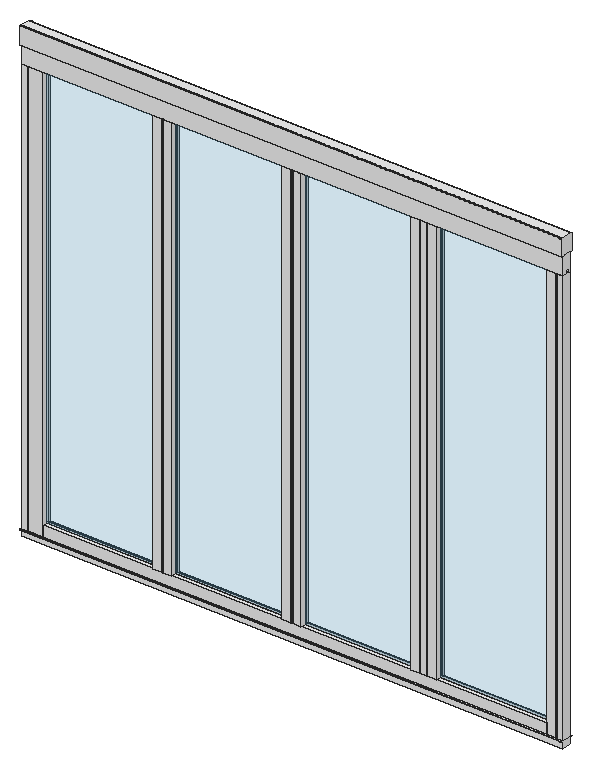
Revit family "Window-NanaWall-HSW-60", category Windows, host Wall, Revit 2013 (continued)
Definition of nested family "Left-Jamb_HSW60"
  Forms (in)
    Sweep 1, solid, material "Metal - NanaWall - Aluminum" <- "Left Jamb"
      path origin (-7.30207, 0, 0) x (0, 1, 0) y (0, 0, 1)
        loop
          line (0, 110.65625) -> (0, 0)
      profile origin (-7.30207, 0, 55.32812) x (1, 0, 0) y (0, 1, 0)
        loop
          line (0, -1.16342) -> (2.82336, -1.16342) -> (2.82336, -0.92839) -> (3.23075, -0.92839) -> (3.23075, -1.16342) -> (5.58111, -1.16342) -> (5.58111, -0.83046) -> (4.99332, -0.83046) -> (4.99332, 0.10968) -> (5.58111, 0.10968) -> (5.58111, 1.16342) -> (1.97723, 1.16342) -> (1.97723, 0.82088) -> (1.56984, 0.82088) -> (1.56984, 1.16342) -> (0, 1.16342) -> (0, -1.16342)
  Lines and regions (in)
    Masking region 1
      outline origin (0, 0, 0) x (1, 0, 0) y (0, 1, 0)
        loop
          line (-7.30207, 1.16342) -> (-7.30207, -1.16342) -> (-4.47871, -1.16342) -> (-4.47871, -0.92839) -> (-4.07131, -0.92839) -> (-4.07131, -1.16342) -> (-1.72096, -1.16342) -> (-1.72096, -0.83046) -> (-2.30875, -0.83046) -> (-2.30875, 0.10968) -> (-1.72096, 0.10968) -> (-1.72096, 1.16342) -> (-5.32484, 1.16342) -> (-5.32484, 0.82088) -> (-5.73223, 0.82088) -> (-5.73223, 1.16342) -> (-7.30207, 1.16342)
    symbolic lines, style "DoorsFrameMullionProjection", detail levels medium
      curve 1: arc (-4.99187, -0.81087, 0) -> (-4.95032, -0.82808, 0) -> (-4.93311, -0.86963, 0) r 0.05876
      curve 2: line (-5.0663, -0.81087, 0) -> (-4.99187, -0.81087, 0)
      curve 3: line (-5.0663, -0.48966, 0) -> (-5.0663, -0.81087, 0)
      curve 4: line (-5.08588, -0.47007, 0) -> (-5.14464, -0.47007, 0)
      curve 5: arc (-5.08588, -0.47007, 0) -> (-5.07203, -0.47581, 0) -> (-5.0663, -0.48966, 0) r 0.01959
      curve 6: line (-5.14464, 0.67362, 0) -> (-5.14464, -0.47007, 0)
      curve 7: arc (-5.19767, 0.73882, 0) -> (-5.15957, 0.71565, 0) -> (-5.14464, 0.67362, 0) r 0.06659
      curve 8: line (-5.19767, 0.73882, 0) -> (-5.30984, 0.7623, 0)
      curve 9: line (-5.30984, 0.7623, 0) -> (-5.73223, 0.7623, 0)
      curve 10: line (-4.47871, -0.92839, 0) -> (-4.93311, -0.92839, 0)
      curve 11: line (-5.73223, 0.82088, 0) -> (-5.73223, 0.7623, 0)
      curve 12: line (-4.93311, -0.92839, 0) -> (-4.93311, -0.86963, 0)
      curve 13: line (-5.32484, 1.16342, 0) -> (-5.32484, 0.81205, 0)
      curve 14: line (-5.32484, 0.81205, 0) -> (-4.73725, 0.81205, 0)
      curve 15: line (-4.73725, 0.48966, 0) -> (-4.73725, 0.81205, 0)
      curve 16: arc (-4.71766, 0.47007, 0) -> (-4.73151, 0.47581, 0) -> (-4.73725, 0.48966, 0) r 0.01959
      curve 17: line (-4.71766, 0.47007, 0) -> (-4.6589, 0.47007, 0)
      curve 18: line (-4.6589, -0.82088, 0) -> (-4.6589, 0.47007, 0)
      curve 19: line (-4.07131, -0.82088, 0) -> (-4.07131, -1.16342, 0)
      curve 20: line (-4.07131, -0.82088, 0) -> (-4.6589, -0.82088, 0)
  Dimensions and locks (in)
    "Height": plane 4 "Top" to level
    plane 4 "Top" to level = 9' - 2 21/32"
    aligned and locked: plane 4 "Top" to Sweep 1 sketch curve
    aligned and locked: level to Sweep 1 sketch curve
    aligned and locked: Sweep 1 sketch curve to plane 1 "Center (Front/Back)"
    aligned and locked: plane 1 "Center (Front/Back)" to nested 1
    aligned and locked: nested 1 to plane 3 "Center (Left/Right)"
    aligned and locked: Masking region 1 sketch curve to plane 3 "Center (Left/Right)"
    aligned and locked: curve 1 to nested 1
    aligned and locked: curve 2 to nested 1
    aligned and locked: curve 5 to nested 1
    aligned and locked: curve 7 to nested 1
    aligned and locked: curve 8 to nested 1
    aligned and locked: curve 13 to Sweep 1
    aligned and locked: curve 14 to nested 1
    aligned and locked: curve 16 to nested 1
    aligned and locked: curve 18 to nested 1
    aligned and locked: curve 19 to Sweep 1
    aligned and locked: curve 20 to nested 1
  Automatic sketch dimensions
    Sweep 1 sketch curve to plane 3 "Center (Left/Right)" = 0' - 0"
    plane 3 "Center (Left/Right)" to Sweep 1 sketch curve = 0' - 1.56984"
    profile plane to Sweep 1 sketch curve = 0' - 1.16342"
    Sweep 1 sketch curve to Sweep 1 sketch curve = 0' - 0.40739"  (x2)
    Sweep 1 sketch curve to Sweep 1 sketch curve = 0' - 0.34254"
    Sweep 1 sketch curve to Sweep 1 sketch curve = 0' - 0"  (x3)
    Sweep 1 sketch curve to Sweep 1 sketch curve = 0' - 0.23504"
    Sweep 1 sketch curve to Sweep 1 sketch curve = 0' - 2.35035"
    Sweep 1 sketch curve to Sweep 1 sketch curve = 0' - 0.58778"
    Sweep 1 sketch curve to Sweep 1 sketch curve = 0' - 0.33297"
    Sweep 1 sketch curve to profile plane = 0' - 0.10968"
    Sweep 1 sketch curve to Sweep 1 sketch curve = 0' - 0.84613"
    Sweep 1 sketch curve to profile plane = 0' - 0.82088"
    Masking region 1 sketch curve to plane 1 "Center (Front/Back)" = 0' - 1.16342"
    plane 3 "Center (Left/Right)" to Masking region 1 sketch curve = 0' - 1.56984"
    Masking region 1 sketch curve to Masking region 1 sketch curve = 0' - 0.40739"  (x2)
    Masking region 1 sketch curve to Masking region 1 sketch curve = 0' - 0.34254"  (x2)
    plane 5 to Masking region 1 sketch curve = 0' - 0.58778"  (x2)
    Masking region 1 sketch curve to plane 1 "Center (Front/Back)" = 0' - 0.10968"
    Masking region 1 sketch curve to plane 5 = 0' - 0"
    plane 1 "Center (Front/Back)" to Masking region 1 sketch curve = 0' - 0.83046"
    Masking region 1 sketch curve to Masking region 1 sketch curve = 0' - 0.33297"
    Masking region 1 sketch curve to plane 5 = 0' - 1.76257"
    Masking region 1 sketch curve to Masking region 1 sketch curve = 0' - 0.23504"  (x2)
    curve 10 to curve 1 = 0' - 0.05876"
    curve 9 to curve 11 = 0' - 0 15/256"
    curve 9 to curve 8 = 0' - 0.42239"
    curve 8 to curve 13 = 0' - 0.04976"
    curve 13 to curve 13 = 0' - 0.35137"
    curve 19 to curve 19 = 0' - 0.34254"
    curve 20 to curve 10 = 0' - 0.18019"
  Nested families (in)
    nested 1: "Profile_LeftJamb_HSW60" at (-7.30207, 0, 0), type ""
  Definition of nested family "Profile_LeftJamb_HSW60"
    Parameters (values of type "Profile_LeftJamb_HSW60")
      SmartBIM Object Version = 1  # constant formula
      SmartBIM Object Created By = "Reed Construction Data"  # constant formula
      Half Piece = yes
      Assembly Code = ""
      95 CSI = ""
      04 CSI = ""
    Reference planes (in)
      plane 1 "Center (Front/Back)": y = 0
      plane 2: z = 0
      plane 3 "Center (Left/Right)": x = 0
    Lines and regions (in)
      model lines, style "DetailComponents", in view "Ref. Level"
        curve 1: line (3.27723, -1.56494, 0) -> (3.28647, -1.62562, 0)
        curve 2: line (4.21055, -1.62563, 0) -> (4.2198, -1.56494, 0)
        curve 3: arc (3.25975, -1.25352, 0) -> (3.26779, -1.27291, 0) -> (3.28718, -1.28094, 0) r 0.02742
        curve 4: arc (4.21165, -1.28094, 0) -> (4.23104, -1.27291, 0) -> (4.23907, -1.25352, 0) r 0.02742
        curve 5: arc (3.2683, -1.4028, 0) -> (3.26961, -1.41598, 0) -> (3.27187, -1.42902, 0) r 0.1816
        curve 6: arc (3.27187, -1.42902, 0) -> (3.27441, -1.43872, 0) -> (3.27787, -1.44813, 0) r 0.10403
        curve 7: arc (3.27787, -1.44813, 0) -> (3.28529, -1.46446, 0) -> (3.29353, -1.48038, 0) r 0.35165
        curve 8: arc (3.29353, -1.48038, 0) -> (3.29675, -1.48527, 0) -> (3.30068, -1.48959, 0) r 0.03715
        curve 9: arc (3.30068, -1.48959, 0) -> (3.30663, -1.49455, 0) -> (3.31312, -1.49879, 0) r 0.06679
        curve 10: arc (3.31312, -1.49879, 0) -> (3.31972, -1.50205, 0) -> (3.32667, -1.50449, 0) r 0.06029
        curve 11: arc (3.32667, -1.50449, 0) -> (3.34191, -1.50839, 0) -> (3.35733, -1.51149, 0) r 0.30418
        curve 12: arc (3.35733, -1.51149, 0) -> (3.37271, -1.51377, 0) -> (3.3882, -1.51523, 0) r 0.29739
        curve 13: arc (3.3882, -1.51523, 0) -> (3.48029, -1.52091, 0) -> (3.5724, -1.52611, 0) r 18.05785
        curve 14: arc (3.5724, -1.52611, 0) -> (3.58768, -1.52688, 0) -> (3.60297, -1.52755, 0) r 2.08275
        curve 15: arc (3.60297, -1.52755, 0) -> (3.65828, -1.52969, 0) -> (3.7136, -1.53172, 0) r 27.26756
        curve 16: arc (3.7136, -1.53172, 0) -> (3.81478, -1.53387, 0) -> (3.91598, -1.5331, 0) r 3.50675
        curve 17: arc (3.91598, -1.5331, 0) -> (4.02949, -1.52791, 0) -> (4.14259, -1.51697, 0) r 2.24298
        curve 18: arc (4.14259, -1.51697, 0) -> (4.14859, -1.5157, 0) -> (4.15455, -1.51429, 0) r 0.25205
        curve 19: arc (4.15455, -1.51429, 0) -> (4.15953, -1.51296, 0) -> (4.16446, -1.5115, 0) r 0.17756
        curve 20: arc (4.16446, -1.5115, 0) -> (4.16836, -1.51019, 0) -> (4.1722, -1.50873, 0) r 0.10215
        curve 21: arc (4.1722, -1.50873, 0) -> (4.17628, -1.507, 0) -> (4.1803, -1.50511, 0) r 0.11898
        curve 22: arc (4.18186, -1.50417, 0) -> (4.1857, -1.50135, 0) -> (4.18949, -1.49846, 0) r 0.29603
        curve 23: arc (4.18949, -1.49846, 0) -> (4.20237, -1.48594, 0) -> (4.21211, -1.47084, 0) r 0.07955
        curve 24: arc (4.21211, -1.47084, 0) -> (4.22214, -1.44606, 0) -> (4.22833, -1.42006, 0) r 0.17735
        curve 25: arc (4.22833, -1.42006, 0) -> (4.22874, -1.41678, 0) -> (4.22892, -1.41348, 0) r 0.0489
        curve 26: arc (4.22892, -1.41348, 0) -> (4.22895, -1.40752, 0) -> (4.22875, -1.40157, 0) r 0.15902
        curve 27: arc (3.84058, -1.77104, 0) -> (3.84484, -1.77136, 0) -> (3.8491, -1.77122, 0) r 0.03917
        curve 28: arc (1.95603, -0.76212, 0) -> (1.96905, -0.77757, 0) -> (1.98647, -0.76735, 0) r 0.01567
        curve 29: arc (1.99223, -0.7623, 0) -> (1.98869, -0.76407, 0) -> (1.98647, -0.76735, 0) r 0.00783
        curve 30: arc (2.06015, -0.80793, 0) -> (2.08759, -0.78598, 0) -> (2.08639, -0.75086, 0) r 0.03917
        curve 31: arc (2.08639, -0.75086, 0) -> (2.08099, -0.74581, 0) -> (2.07363, -0.74499, 0) r 0.01175
        curve 32: arc (1.886, -0.76212, 0) -> (1.90398, -0.75646, 0) -> (1.91545, -0.74151, 0) r 0.03134
        curve 33: arc (1.92547, -0.71398, 0) -> (1.92311, -0.69605, 0) -> (1.90706, -0.6877, 0) r 0.01959
        curve 34: arc (1.94869, -0.66246, 0) -> (1.94299, -0.6583, 0) -> (1.93619, -0.65643, 0) r 0.01959
        curve 35: arc (1.97502, -0.70785, 0) -> (1.9811, -0.70259, 0) -> (1.97934, -0.69474, 0) r 0.00783
        curve 36: arc (1.64746, -0.76735, 0) -> (1.66489, -0.77757, 0) -> (1.6779, -0.76212, 0) r 0.01567
        curve 37: arc (1.71848, -0.74151, 0) -> (1.72996, -0.75646, 0) -> (1.74793, -0.76212, 0) r 0.03134
        curve 38: arc (1.72687, -0.6877, 0) -> (1.71083, -0.69605, 0) -> (1.70847, -0.71398, 0) r 0.01959
        curve 39: arc (1.58932, -0.55321, 0) -> (1.57422, -0.55348, 0) -> (1.57186, -0.5684, 0) r 0.01175
        curve 40: arc (1.57018, -0.78171, 0) -> (1.58165, -0.80941, 0) -> (1.60935, -0.82088, 0) r 0.03917
        curve 41: arc (1.65356, -0.70418, 0) -> (1.65584, -0.7066, 0) -> (1.65892, -0.70785, 0) r 0.00783
        curve 42: arc (1.64746, -0.76735, 0) -> (1.6446, -0.76356, 0) -> (1.64008, -0.76212, 0) r 0.00783
        curve 43: arc (1.57801, -0.76212, 0) -> (1.57247, -0.76442, 0) -> (1.57018, -0.76996, 0) r 0.00783
        curve 44: arc (2.24026, -0.81205, 0) -> (2.29526, -0.80417, 0) -> (2.34582, -0.78117, 0) r 0.19586
        curve 45: arc (2.39318, -0.88922, 0) -> (2.40628, -0.8407, 0) -> (2.41183, -0.79075, 0) r 0.32859
        curve 46: arc (2.41009, -0.92839, 0) -> (2.43368, -0.86138, 0) -> (2.44318, -0.79097, 0) r 0.34822
        curve 47: arc (2.24961, -0.8432, 0) -> (2.30853, -0.83289, 0) -> (2.36271, -0.80757, 0) r 0.2272
        curve 48: arc (2.29727, -0.94963, 0) -> (2.28981, -0.93991, 0) -> (2.27813, -0.93622, 0) r 0.02037
        curve 49: arc (2.28866, -1.00282, 0) -> (2.3047, -0.99446, 0) -> (2.30706, -0.97653, 0) r 0.01959
        curve 50: arc (2.32783, -1.03415, 0) -> (2.33533, -1.03266, 0) -> (2.34168, -1.02841, 0) r 0.01959
        curve 51: arc (2.3745, -0.99557, 0) -> (2.37643, -0.98767, 0) -> (2.37032, -0.98232, 0) r 0.00783
        curve 52: arc (2.3956, -0.92264, 0) -> (2.37194, -0.90704, 0) -> (2.35329, -0.92839, 0) r 0.02154
        curve 53: arc (2.3956, -0.92264, 0) -> (2.39841, -0.92679, 0) -> (2.40315, -0.92839, 0) r 0.00783
        curve 54: arc (2.05301, -0.84339, 0) -> (1.99633, -0.85726, 0) -> (1.94752, -0.88922, 0) r 0.17258
        curve 55: arc (2.05301, -0.81205, 0) -> (1.96336, -0.83757, 0) -> (1.89451, -0.90041, 0) r 0.20334
        curve 56: arc (2.08677, -1.02841, 0) -> (2.09313, -1.03266, 0) -> (2.10063, -1.03415, 0) r 0.01959
        curve 57: arc (2.05814, -0.98232, 0) -> (2.05202, -0.98767, 0) -> (2.05395, -0.99557, 0) r 0.00783
        curve 58: arc (2.0253, -0.92839, 0) -> (2.03005, -0.92679, 0) -> (2.03286, -0.92264, 0) r 0.00783
        curve 59: arc (2.07517, -0.92839, 0) -> (2.05652, -0.90704, 0) -> (2.03286, -0.92264, 0) r 0.02154
        curve 60: arc (2.15033, -0.93622, 0) -> (2.13865, -0.93991, 0) -> (2.13119, -0.94963, 0) r 0.02037
        curve 61: arc (2.12139, -0.97653, 0) -> (2.12376, -0.99446, 0) -> (2.1398, -1.00282, 0) r 0.01959
        curve 62: arc (2.22452, -0.86829, 0) -> (2.22262, -0.87999, 0) -> (2.23006, -0.88922, 0) r 0.01453
        curve 63: arc (1.89451, -0.90041, 0) -> (1.89307, -0.91877, 0) -> (1.90877, -0.92839, 0) r 0.01763
        curve 64: arc (2.41183, -0.79072, 0) -> (2.40788, -0.78365, 0) -> (2.39978, -0.78386, 0) r 0.00783
        curve 65: arc (2.44318, -0.79097, 0) -> (2.42496, -0.76037, 0) -> (2.38935, -0.76088, 0) r 0.03558
        curve 66: arc (2.84456, 0.76212, 0) -> (2.83155, 0.77757, 0) -> (2.81412, 0.76735, 0) r 0.01567
        curve 67: arc (2.80837, 0.7623, 0) -> (2.8119, 0.76407, 0) -> (2.81412, 0.76735, 0) r 0.00783
        curve 68: arc (2.74045, 0.80793, 0) -> (2.713, 0.78598, 0) -> (2.7142, 0.75086, 0) r 0.03917
        curve 69: arc (2.7142, 0.75086, 0) -> (2.71961, 0.74581, 0) -> (2.72696, 0.74499, 0) r 0.01175
        curve 70: arc (2.91459, 0.76212, 0) -> (2.89662, 0.75646, 0) -> (2.88514, 0.74151, 0) r 0.03134
        curve 71: arc (2.87513, 0.71398, 0) -> (2.87749, 0.69605, 0) -> (2.89353, 0.6877, 0) r 0.01959
        curve 72: arc (2.85191, 0.66246, 0) -> (2.8576, 0.6583, 0) -> (2.8644, 0.65643, 0) r 0.01959
        curve 73: arc (2.82558, 0.70785, 0) -> (2.8195, 0.70259, 0) -> (2.82126, 0.69474, 0) r 0.00783
        curve 74: arc (3.15313, 0.76735, 0) -> (3.13571, 0.77757, 0) -> (3.12269, 0.76212, 0) r 0.01567
        curve 75: arc (3.08211, 0.74151, 0) -> (3.07064, 0.75646, 0) -> (3.05266, 0.76212, 0) r 0.03134
        curve 76: arc (3.07372, 0.6877, 0) -> (3.08977, 0.69605, 0) -> (3.09213, 0.71398, 0) r 0.01959
        curve 77: arc (3.21127, 0.55321, 0) -> (3.22638, 0.55348, 0) -> (3.22873, 0.5684, 0) r 0.01175
        curve 78: arc (3.23041, 0.78171, 0) -> (3.21894, 0.80941, 0) -> (3.19124, 0.82088, 0) r 0.03917
        curve 79: arc (3.14703, 0.70418, 0) -> (3.14475, 0.7066, 0) -> (3.14168, 0.70785, 0) r 0.00783
        curve 80: arc (3.15313, 0.76735, 0) -> (3.15599, 0.76356, 0) -> (3.16052, 0.76212, 0) r 0.00783
        curve 81: arc (3.22258, 0.76212, 0) -> (3.22812, 0.76442, 0) -> (3.23041, 0.76996, 0) r 0.00783
        curve 82: arc (2.56033, 0.81205, 0) -> (2.50534, 0.80417, 0) -> (2.45477, 0.78117, 0) r 0.19586
        curve 83: arc (2.40741, 0.88922, 0) -> (2.39431, 0.8407, 0) -> (2.38877, 0.79075, 0) r 0.32859
        curve 84: arc (2.3905, 0.92839, 0) -> (2.36692, 0.86138, 0) -> (2.35742, 0.79097, 0) r 0.34822
        curve 85: arc (2.55098, 0.8432, 0) -> (2.49207, 0.83289, 0) -> (2.43788, 0.80757, 0) r 0.2272
        curve 86: arc (2.50333, 0.94963, 0) -> (2.51078, 0.93991, 0) -> (2.52247, 0.93622, 0) r 0.02037
        curve 87: arc (2.51194, 1.00282, 0) -> (2.49589, 0.99446, 0) -> (2.49353, 0.97653, 0) r 0.01959
        curve 88: arc (2.47277, 1.03415, 0) -> (2.46527, 1.03266, 0) -> (2.45891, 1.02841, 0) r 0.01959
        curve 89: arc (2.42609, 0.99557, 0) -> (2.42416, 0.98767, 0) -> (2.43027, 0.98232, 0) r 0.00783
        curve 90: arc (2.40499, 0.92264, 0) -> (2.42866, 0.90704, 0) -> (2.4473, 0.92839, 0) r 0.02154
        curve 91: arc (2.40499, 0.92264, 0) -> (2.40219, 0.92679, 0) -> (2.39744, 0.92839, 0) r 0.00783
        curve 92: arc (2.74759, 0.84339, 0) -> (2.80426, 0.85726, 0) -> (2.85308, 0.88922, 0) r 0.17258
        curve 93: arc (2.74759, 0.81205, 0) -> (2.83724, 0.83757, 0) -> (2.90609, 0.90041, 0) r 0.20334
        curve 94: arc (2.71382, 1.02841, 0) -> (2.70747, 1.03266, 0) -> (2.69997, 1.03415, 0) r 0.01959
        curve 95: arc (2.74246, 0.98232, 0) -> (2.74857, 0.98767, 0) -> (2.74664, 0.99557, 0) r 0.00783
        curve 96: arc (2.77529, 0.92839, 0) -> (2.77055, 0.92679, 0) -> (2.76774, 0.92264, 0) r 0.00783
        curve 97: arc (2.72543, 0.92839, 0) -> (2.74408, 0.90704, 0) -> (2.76774, 0.92264, 0) r 0.02154
        curve 98: arc (2.65027, 0.93622, 0) -> (2.66195, 0.93991, 0) -> (2.66941, 0.94963, 0) r 0.02037
        curve 99: arc (2.6792, 0.97653, 0) -> (2.67684, 0.99446, 0) -> (2.66079, 1.00282, 0) r 0.01959
        curve 100: arc (2.57607, 0.86829, 0) -> (2.57798, 0.87999, 0) -> (2.57053, 0.88922, 0) r 0.01453
        curve 101: arc (2.90609, 0.90041, 0) -> (2.90753, 0.91877, 0) -> (2.89182, 0.92839, 0) r 0.01763
        curve 102: arc (2.38877, 0.79072, 0) -> (2.39272, 0.78365, 0) -> (2.40082, 0.78386, 0) r 0.00783
        curve 103: arc (2.35742, 0.79097, 0) -> (2.37563, 0.76037, 0) -> (2.41124, 0.76088, 0) r 0.03558
        curve 104: arc (5.42226, 0.92939, 0) -> (5.42384, 0.89277, 0) -> (5.43208, 0.85704, 0) r 0.2
        curve 105: arc (5.63152, 0.87786, 0) -> (5.6121, 0.93261, 0) -> (5.57935, 0.98059, 0) r 0.22563
        curve 106: arc (5.42226, 0.92939, 0) -> (5.41688, 0.94386, 0) -> (5.4027, 0.94993, 0) r 0.01959
        curve 107: arc (5.35195, 1.0348, 0) -> (5.38812, 1.04365, 0) -> (5.41612, 1.0682, 0) r 0.07835
        curve 108: arc (5.15804, 0.97931, 0) -> (5.16743, 0.95793, 0) -> (5.18938, 0.94993, 0) r 0.02972
        curve 109: arc (5.2486, 1.0682, 0) -> (5.2766, 1.04365, 0) -> (5.31278, 1.0348, 0) r 0.07835
        curve 110: arc (5.57935, 0.98059, 0) -> (5.57274, 0.98543, 0) -> (5.56473, 0.98715, 0) r 0.01959
        curve 111: arc (5.59322, 0.83046, 0) -> (5.62369, 0.84501, 0) -> (5.63152, 0.87786, 0) r 0.03917
        curve 112: arc (5.43208, 0.85704, 0) -> (5.44636, 0.83779, 0) -> (5.46918, 0.83046, 0) r 0.03917
        curve 113: arc (5.50632, -0.13727, 0) -> (5.48926, -0.11048, 0) -> (5.46109, -0.12515, 0) r 0.0235
        curve 114: arc (5.67904, -0.13319, 0) -> (5.65923, -0.10998, 0) -> (5.63319, -0.12589, 0) r 0.0235
        curve 115: arc (5.27542, -0.39696, 0) -> (5.24674, -0.37237, 0) -> (5.22072, -0.39976, 0) r 0.02742
        curve 116: arc (5.3304, -0.13319, 0) -> (5.30895, -0.10977, 0) -> (5.28375, -0.12911, 0) r 0.0235
        curve 117: arc (4.79766, -0.57267, 0) -> (4.80975, -0.59077, 0) -> (4.83109, -0.58652, 0) r 0.01959
        curve 118: arc (5.04528, -0.39976, 0) -> (5.00736, -0.37442, 0) -> (4.99847, -0.41915, 0) r 0.02742
        curve 119: arc (4.80913, -0.52539, 0) -> (4.80064, -0.5381, 0) -> (4.79766, -0.55309, 0) r 0.03917
        curve 120: arc (5.20505, -0.4309, 0) -> (5.20161, -0.42259, 0) -> (5.1933, -0.41915, 0) r 0.01175
        curve 121: arc (5.49493, -0.41915, 0) -> (5.48662, -0.42259, 0) -> (5.48318, -0.4309, 0) r 0.01175
        curve 122: arc (5.51451, -0.64635, 0) -> (5.50304, -0.61865, 0) -> (5.47534, -0.60717, 0) r 0.03917
        curve 123: arc (5.11104, -0.568, 0) -> (5.12251, -0.5957, 0) -> (5.15021, -0.60717, 0) r 0.03917
        curve 124: arc (4.79766, -1.14384, 0) -> (4.80941, -1.12033, 0) -> (4.79766, -1.09683, 0) r 0.02938
        curve 125: arc (4.57829, -0.94798, 0) -> (4.58976, -0.97567, 0) -> (4.61746, -0.98715, 0) r 0.03917
        curve 126: arc (4.57829, -0.92643, 0) -> (4.54695, -0.89509, 0) -> (4.51561, -0.92643, 0) r 0.03134
        curve 127: arc (4.51561, -0.96364, 0) -> (4.53856, -1.01904, 0) -> (4.59396, -1.04199, 0) r 0.07835
        curve 128: arc (4.74701, -1.08536, 0) -> (4.75972, -1.09385, 0) -> (4.77471, -1.09683, 0) r 0.03917
        curve 129: arc (5.47534, -1.09683, 0) -> (5.50304, -1.08536, 0) -> (5.51451, -1.05766, 0) r 0.03917
        curve 130: arc (2.21619, 0.47007, 0) -> (2.23004, 0.47581, 0) -> (2.23577, 0.48966, 0) r 0.01959
        curve 131: arc (2.00074, 0.77875, 0) -> (2.00337, 0.77134, 0) -> (2.0101, 0.76725, 0) r 0.01175
        curve 132: arc (2.04535, 0.75991, 0) -> (2.05516, 0.7623, 0) -> (2.0595, 0.77142, 0) r 0.01175
        curve 133: arc (2.3102, 0.81087, 0) -> (2.35175, 0.82808, 0) -> (2.36896, 0.86963, 0) r 0.05876
        curve 134: arc (1.51108, 1.0557, 0) -> (1.48338, 1.04423, 0) -> (1.47191, 1.01653, 0) r 0.03917
        curve 135: arc (1.47191, 0.93818, 0) -> (1.48338, 0.91048, 0) -> (1.51108, 0.89901, 0) r 0.03917
        curve 136: arc (0.9459, -0.54842, 0) -> (1.0606, -0.56604, 0) -> (1.17529, -0.54842, 0) r 0.38193
        curve 137: arc (0.36333, -0.94014, 0) -> (0.33235, -0.86535, 0) -> (0.25756, -0.83437, 0) r 0.10577
        curve 138: arc (1.89707, -0.35255, 0) -> (1.87748, -0.3578, 0) -> (1.86315, -0.37214, 0) r 0.03917
        curve 139: arc (2.15743, -0.34905, 0) -> (2.14976, -0.33351, 0) -> (2.13276, -0.33013, 0) r 0.01959
        curve 140: arc (1.98184, -0.7123, 0) -> (1.9621, -0.74241, 0) -> (1.99221, -0.76216, 0) r 0.02546
        curve 141: arc (0.12437, -1.09683, 0) -> (0.22473, -1.06917, 0) -> (0.29673, -0.994, 0) r 0.19586
        curve 142: arc (0.29673, -0.93231, 0) -> (0.28526, -0.90461, 0) -> (0.25756, -0.89313, 0) r 0.03917
        curve 143: arc (0.18476, -0.94305, 0) -> (0.20241, -0.94036, 0) -> (0.21055, -0.92447, 0) r 0.01959
        curve 144: arc (0.00294, -0.83438, 0) -> (0.0155, -0.8733, 0) -> (0.04844, -0.89754, 0) r 0.06659
        curve 145: arc (0.0276, -0.33013, 0) -> (0.0106, -0.33351, 0) -> (0.00294, -0.34905, 0) r 0.01959
        curve 146: arc (0.29722, -0.37214, 0) -> (0.28288, -0.3578, 0) -> (0.26329, -0.35255, 0) r 0.03917
        curve 147: arc (0.95865, -0.47007, 0) -> (1.0606, -0.4877, 0) -> (1.16254, -0.47007, 0) r 0.30359
        curve 148: arc (0.9459, -0.54842, 0) -> (1.0606, -0.56604, 0) -> (1.17529, -0.54842, 0) r 0.38193
        curve 149: arc (1.89707, -0.35255, 0) -> (1.87748, -0.3578, 0) -> (1.86315, -0.37214, 0) r 0.03917
        curve 150: arc (0.95865, -0.47007, 0) -> (1.0606, -0.4877, 0) -> (1.16254, -0.47007, 0) r 0.30359
        curve 151: arc (2.1044, -0.73882, 0) -> (2.1425, -0.71565, 0) -> (2.15743, -0.67362, 0) r 0.06659
        curve 152: arc (1.37398, -0.78737, 0) -> (1.32689, -0.80687, 0) -> (1.30738, -0.85396, 0) r 0.06659
        curve 153: arc (1.37398, -0.78737, 0) -> (1.32689, -0.80687, 0) -> (1.30738, -0.85396, 0) r 0.06659
        curve 154: arc (1.56984, -1.08508, 0) -> (1.5641, -1.07123, 0) -> (1.55025, -1.06549, 0) r 0.01959
        curve 155: arc (1.55025, -0.88922, 0) -> (1.5641, -0.88348, 0) -> (1.56984, -0.86963, 0) r 0.01959
        curve 156: arc (0.02252, -1.09683, 0) -> (0.00867, -1.10257, 0) -> (0.00294, -1.11642, 0) r 0.01959
        curve 157: arc (0.00979, 0.27986, 0) -> (0.00262, 0.27269, 0) -> (0, 0.2629, 0) r 0.01959
        curve 158: arc (0.08422, 0.47007, 0) -> (0.07868, 0.46778, 0) -> (0.07639, 0.46224, 0) r 0.00783
        curve 159: arc (0.24287, 0.46224, 0) -> (0.24058, 0.46778, 0) -> (0.23504, 0.47007, 0) r 0.00783
        curve 160: arc (0.17921, 0.29174, 0) -> (0.19355, 0.30607, 0) -> (0.1988, 0.32566, 0) r 0.03917
        curve 161: arc (0.1988, -0.32566, 0) -> (0.19355, -0.30607, 0) -> (0.17921, -0.29174, 0) r 0.03917
        curve 162: arc (0.23504, -0.47007, 0) -> (0.24058, -0.46778, 0) -> (0.24287, -0.46224, 0) r 0.00783
        curve 163: arc (0.07639, -0.46224, 0) -> (0.07868, -0.46778, 0) -> (0.08422, -0.47007, 0) r 0.00783
        curve 164: arc (0, -0.2629, 0) -> (0.00262, -0.27269, 0) -> (0.00979, -0.27986, 0) r 0.01959
        curve 165: arc (0.07443, -0.20862, 0) -> (0.07968, -0.22821, 0) -> (0.09401, -0.24254, 0) r 0.03917
        curve 166: arc (0.09401, 0.24254, 0) -> (0.07968, 0.22821, 0) -> (0.07443, 0.20862, 0) r 0.03917
        curve 167: arc (0.11066, 0.3381, 0) -> (0.11783, 0.34527, 0) -> (0.12046, 0.35506, 0) r 0.01959
        curve 168: arc (0.12046, -0.35506, 0) -> (0.11783, -0.34527, 0) -> (0.11066, -0.3381, 0) r 0.01959
        curve 169: arc (2.16037, 0.2629, 0) -> (2.15774, 0.27269, 0) -> (2.15057, 0.27986, 0) r 0.01959
        curve 170: arc (2.08398, 0.46224, 0) -> (2.08168, 0.46778, 0) -> (2.07614, 0.47007, 0) r 0.00783
        curve 171: arc (1.92533, 0.47007, 0) -> (1.91979, 0.46778, 0) -> (1.9175, 0.46224, 0) r 0.00783
        curve 172: arc (1.96156, 0.32566, 0) -> (1.96681, 0.30607, 0) -> (1.98115, 0.29174, 0) r 0.03917
        curve 173: arc (1.98115, -0.29174, 0) -> (1.96681, -0.30607, 0) -> (1.96156, -0.32566, 0) r 0.03917
        curve 174: arc (1.9175, -0.46224, 0) -> (1.91979, -0.46778, 0) -> (1.92533, -0.47007, 0) r 0.00783
        curve 175: arc (2.07614, -0.47007, 0) -> (2.08168, -0.46778, 0) -> (2.08398, -0.46224, 0) r 0.00783
        curve 176: arc (2.15057, -0.27986, 0) -> (2.15774, -0.27269, 0) -> (2.16037, -0.2629, 0) r 0.01959
        curve 177: arc (2.15057, -0.27986, 0) -> (2.15774, -0.27269, 0) -> (2.16037, -0.2629, 0) r 0.01959
        curve 178: arc (1.9175, -0.46224, 0) -> (1.91979, -0.46778, 0) -> (1.92533, -0.47007, 0) r 0.00783
        curve 179: arc (1.98115, -0.29174, 0) -> (1.96681, -0.30607, 0) -> (1.96156, -0.32566, 0) r 0.03917
        curve 180: arc (2.06635, -0.24254, 0) -> (2.08069, -0.22821, 0) -> (2.08594, -0.20862, 0) r 0.03917
        curve 181: arc (2.06635, -0.24254, 0) -> (2.08069, -0.22821, 0) -> (2.08594, -0.20862, 0) r 0.03917
        curve 182: arc (2.08594, 0.20862, 0) -> (2.08069, 0.22821, 0) -> (2.06635, 0.24254, 0) r 0.03917
        curve 183: arc (2.03991, 0.35506, 0) -> (2.04253, 0.34527, 0) -> (2.0497, 0.3381, 0) r 0.01959
        curve 184: arc (2.0497, -0.3381, 0) -> (2.04253, -0.34527, 0) -> (2.03991, -0.35506, 0) r 0.01959
        curve 185: arc (1.17529, 0.54842, 0) -> (1.0606, 0.56604, 0) -> (0.9459, 0.54842, 0) r 0.38193
        curve 186: arc (0.25756, 0.83437, 0) -> (0.33235, 0.86535, 0) -> (0.36333, 0.94014, 0) r 0.10577
        curve 187: arc (1.86315, 0.37214, 0) -> (1.87748, 0.3578, 0) -> (1.89707, 0.35255, 0) r 0.03917
        curve 188: arc (2.13277, 0.33013, 0) -> (2.14976, 0.33351, 0) -> (2.15743, 0.34905, 0) r 0.01959
        curve 189: arc (1.99221, 0.76216, 0) -> (1.9621, 0.74241, 0) -> (1.98184, 0.7123, 0) r 0.02546
        curve 190: arc (0.29673, 0.994, 0) -> (0.22473, 1.06917, 0) -> (0.12437, 1.09683, 0) r 0.19586
        curve 191: arc (0.25756, 0.89313, 0) -> (0.28526, 0.90461, 0) -> (0.29673, 0.93231, 0) r 0.03917
        curve 192: arc (0.21055, 0.92447, 0) -> (0.20241, 0.94036, 0) -> (0.18476, 0.94305, 0) r 0.01959
        curve 193: arc (0.04844, 0.89754, 0) -> (0.0155, 0.8733, 0) -> (0.00294, 0.83438, 0) r 0.06659
        curve 194: arc (0.00294, 0.34905, 0) -> (0.0106, 0.33351, 0) -> (0.0276, 0.33013, 0) r 0.01959
        curve 195: arc (0.26329, 0.35255, 0) -> (0.28288, 0.3578, 0) -> (0.29722, 0.37214, 0) r 0.03917
        curve 196: arc (1.16254, 0.47007, 0) -> (1.0606, 0.4877, 0) -> (0.95865, 0.47007, 0) r 0.30359
        curve 197: arc (0.25756, 0.83437, 0) -> (0.33235, 0.86535, 0) -> (0.36333, 0.94014, 0) r 0.10577
        curve 198: arc (1.17529, 0.54842, 0) -> (1.0606, 0.56604, 0) -> (0.9459, 0.54842, 0) r 0.38193
        curve 199: arc (0.04844, 0.89754, 0) -> (0.0155, 0.8733, 0) -> (0.00294, 0.83438, 0) r 0.06659
        curve 200: arc (0.21055, 0.92447, 0) -> (0.20241, 0.94036, 0) -> (0.18476, 0.94305, 0) r 0.01959
        curve 201: arc (0.25756, 0.89313, 0) -> (0.28526, 0.90461, 0) -> (0.29673, 0.93231, 0) r 0.03917
        curve 202: arc (0.29673, 0.994, 0) -> (0.22473, 1.06917, 0) -> (0.12437, 1.09683, 0) r 0.19586
        curve 203: arc (1.99221, 0.76216, 0) -> (1.9621, 0.74241, 0) -> (1.98184, 0.7123, 0) r 0.02546
        curve 204: arc (2.13277, 0.33013, 0) -> (2.14976, 0.33351, 0) -> (2.15743, 0.34905, 0) r 0.01959
        curve 205: arc (2.15743, 0.67362, 0) -> (2.1425, 0.71565, 0) -> (2.1044, 0.73882, 0) r 0.06659
        curve 206: arc (2.15743, 0.67362, 0) -> (2.1425, 0.71565, 0) -> (2.1044, 0.73882, 0) r 0.06659
        curve 207: arc (1.30738, 0.85396, 0) -> (1.32689, 0.80687, 0) -> (1.37398, 0.78737, 0) r 0.06659
        curve 208: arc (1.55025, 1.06549, 0) -> (1.5641, 1.07123, 0) -> (1.56984, 1.08508, 0) r 0.01959
        curve 209: arc (1.56984, 0.86963, 0) -> (1.5641, 0.88348, 0) -> (1.55025, 0.88922, 0) r 0.01959
        curve 210: arc (0.00294, 1.11642, 0) -> (0.00867, 1.10257, 0) -> (0.02252, 1.09683, 0) r 0.01959
        curve 211: arc (0.00294, 1.11642, 0) -> (0.00867, 1.10257, 0) -> (0.02252, 1.09683, 0) r 0.01959
        curve 212: arc (3.85469, 0.54842, 0) -> (3.74, 0.56604, 0) -> (3.62531, 0.54842, 0) r 0.38193
        curve 213: arc (2.90352, 0.35255, 0) -> (2.92311, 0.3578, 0) -> (2.93745, 0.37214, 0) r 0.03917
        curve 214: arc (2.64317, 0.34905, 0) -> (2.65083, 0.33351, 0) -> (2.66782, 0.33013, 0) r 0.01959
        curve 215: arc (2.81875, 0.7123, 0) -> (2.8385, 0.74241, 0) -> (2.80838, 0.76216, 0) r 0.02546
        curve 216: arc (4.773, 0.33013, 0) -> (4.78999, 0.33351, 0) -> (4.79766, 0.34905, 0) r 0.01959
        curve 217: arc (4.50338, 0.37214, 0) -> (4.51771, 0.3578, 0) -> (4.5373, 0.35255, 0) r 0.03917
        curve 218: arc (3.84194, 0.47007, 0) -> (3.74, 0.4877, 0) -> (3.63806, 0.47007, 0) r 0.30359
        curve 219: arc (5.17763, 0.98715, 0) -> (5.18594, 0.99059, 0) -> (5.18938, 0.9989, 0) r 0.01175
        curve 220: arc (5.46751, 0.9989, 0) -> (5.47095, 0.99059, 0) -> (5.47926, 0.98715, 0) r 0.01175
        curve 221: arc (3.25034, 0.88922, 0) -> (3.23649, 0.88348, 0) -> (3.23075, 0.86963, 0) r 0.01959
        curve 222: arc (3.23075, 1.08508, 0) -> (3.23649, 1.07123, 0) -> (3.25034, 1.06549, 0) r 0.01959
        curve 223: arc (5.1032, 1.02632, 0) -> (5.11468, 0.99862, 0) -> (5.14237, 0.98715, 0) r 0.03917
        curve 224: arc (4.79766, 0.83438, 0) -> (4.79538, 0.85163, 0) -> (4.78872, 0.8677, 0) r 0.06659
        curve 225: arc (3.42662, 0.78737, 0) -> (3.47371, 0.80687, 0) -> (3.49321, 0.85396, 0) r 0.06659
        curve 226: arc (2.6962, 0.73882, 0) -> (2.6581, 0.71565, 0) -> (2.64317, 0.67362, 0) r 0.06659
        curve 227: arc (4.79766, -1.11642, 0) -> (4.79192, -1.10257, 0) -> (4.77807, -1.09683, 0) r 0.01959
        curve 228: arc (3.23075, -0.86963, 0) -> (3.23649, -0.88348, 0) -> (3.25034, -0.88922, 0) r 0.01959
        curve 229: arc (3.25034, -1.06549, 0) -> (3.23649, -1.07123, 0) -> (3.23075, -1.08508, 0) r 0.01959
        curve 230: arc (3.49321, -0.85396, 0) -> (3.47371, -0.80687, 0) -> (3.42662, -0.78737, 0) r 0.06659
        curve 231: arc (2.64317, -0.67362, 0) -> (2.6581, -0.71565, 0) -> (2.6962, -0.73882, 0) r 0.06659
        curve 232: arc (2.66782, -0.33013, 0) -> (2.65083, -0.33351, 0) -> (2.64317, -0.34905, 0) r 0.01959
        curve 233: arc (2.80838, -0.76216, 0) -> (2.8385, -0.74241, 0) -> (2.81875, -0.7123, 0) r 0.02546
        curve 234: arc (4.50386, -0.994, 0) -> (4.57587, -1.06917, 0) -> (4.67622, -1.09683, 0) r 0.19586
        curve 235: arc (4.54303, -0.89313, 0) -> (4.51534, -0.90461, 0) -> (4.50386, -0.93231, 0) r 0.03917
        curve 236: arc (4.59004, -0.92447, 0) -> (4.59858, -0.94065, 0) -> (4.61676, -0.94271, 0) r 0.01959
        curve 237: arc (4.7553, -0.88856, 0) -> (4.78606, -0.86409, 0) -> (4.79766, -0.82654, 0) r 0.06659
        curve 238: arc (4.79766, -0.34905, 0) -> (4.78999, -0.33351, 0) -> (4.77299, -0.33013, 0) r 0.01959
        curve 239: arc (4.5373, -0.35255, 0) -> (4.51771, -0.3578, 0) -> (4.50338, -0.37214, 0) r 0.03917
        curve 240: arc (3.63806, -0.47007, 0) -> (3.74, -0.4877, 0) -> (3.84194, -0.47007, 0) r 0.30359
        curve 241: arc (2.93745, -0.37214, 0) -> (2.92311, -0.3578, 0) -> (2.90352, -0.35255, 0) r 0.03917
        curve 242: arc (3.62531, -0.54842, 0) -> (3.74, -0.56604, 0) -> (3.85469, -0.54842, 0) r 0.38193
        curve 243: arc (4.54303, -0.82654, 0) -> (4.46825, -0.85752, 0) -> (4.43727, -0.93231, 0) r 0.10577
        curve 244: arc (2.65296, 0.27986, 0) -> (2.64579, 0.27269, 0) -> (2.64317, 0.2629, 0) r 0.01959
        curve 245: arc (2.72445, 0.47007, 0) -> (2.71891, 0.46778, 0) -> (2.71662, 0.46224, 0) r 0.00783
        curve 246: arc (2.8831, 0.46224, 0) -> (2.8808, 0.46778, 0) -> (2.87526, 0.47007, 0) r 0.00783
        curve 247: arc (2.81944, 0.29174, 0) -> (2.83378, 0.30607, 0) -> (2.83903, 0.32566, 0) r 0.03917
        curve 248: arc (2.83903, -0.32566, 0) -> (2.83378, -0.30607, 0) -> (2.81944, -0.29174, 0) r 0.03917
        curve 249: arc (2.87526, -0.47007, 0) -> (2.8808, -0.46778, 0) -> (2.8831, -0.46224, 0) r 0.00783
        curve 250: arc (2.71662, -0.46224, 0) -> (2.71891, -0.46778, 0) -> (2.72445, -0.47007, 0) r 0.00783
        curve 251: arc (2.64317, -0.2629, 0) -> (2.64579, -0.27269, 0) -> (2.65296, -0.27986, 0) r 0.01959
        curve 252: arc (2.76068, -0.35506, 0) -> (2.75806, -0.34527, 0) -> (2.75089, -0.3381, 0) r 0.01959
        curve 253: arc (2.75089, 0.3381, 0) -> (2.75806, 0.34527, 0) -> (2.76068, 0.35506, 0) r 0.01959
        curve 254: arc (2.73424, 0.24254, 0) -> (2.7199, 0.22821, 0) -> (2.71466, 0.20862, 0) r 0.03917
        curve 255: arc (2.71466, -0.20862, 0) -> (2.7199, -0.22821, 0) -> (2.73424, -0.24254, 0) r 0.03917
        curve 256: arc (4.68993, -0.3381, 0) -> (4.68276, -0.34527, 0) -> (4.68014, -0.35506, 0) r 0.01959
        curve 257: arc (4.68014, 0.35501, 0) -> (4.68277, 0.34525, 0) -> (4.68993, 0.3381, 0) r 0.01959
        curve 258: arc (4.72617, 0.20862, 0) -> (4.72092, 0.22821, 0) -> (4.70658, 0.24254, 0) r 0.03917
        curve 259: arc (4.70658, -0.24254, 0) -> (4.72092, -0.22821, 0) -> (4.72617, -0.20862, 0) r 0.03917
        curve 260: arc (4.72421, 0.46224, 0) -> (4.72191, 0.46778, 0) -> (4.71637, 0.47007, 0) r 0.00783
        curve 261: arc (4.56556, 0.47007, 0) -> (4.56002, 0.46778, 0) -> (4.55772, 0.46224, 0) r 0.00783
        curve 262: arc (4.60179, 0.32566, 0) -> (4.60704, 0.30607, 0) -> (4.62138, 0.29174, 0) r 0.03917
        curve 263: arc (4.62138, -0.29174, 0) -> (4.60704, -0.30607, 0) -> (4.60179, -0.32566, 0) r 0.03917
        curve 264: arc (4.55772, -0.46224, 0) -> (4.56002, -0.46778, 0) -> (4.56556, -0.47007, 0) r 0.00783
        curve 265: arc (4.71637, -0.47007, 0) -> (4.72191, -0.46778, 0) -> (4.72421, -0.46224, 0) r 0.00783
        curve 266: arc (4.79766, 0.2629, 0) -> (4.79503, 0.27269, 0) -> (4.78786, 0.27986, 0) r 0.01959
        curve 267: arc (4.78786, -0.27986, 0) -> (4.79503, -0.27269, 0) -> (4.79766, -0.2629, 0) r 0.01959
        curve 268: arc (2.58441, -0.47007, 0) -> (2.57056, -0.47581, 0) -> (2.56482, -0.48966, 0) r 0.01959
        curve 269: arc (2.79986, -0.77875, 0) -> (2.79722, -0.77134, 0) -> (2.7905, -0.76725, 0) r 0.01175
        curve 270: arc (2.75524, -0.75991, 0) -> (2.74543, -0.7623, 0) -> (2.7411, -0.77142, 0) r 0.01175
        curve 271: arc (2.49039, -0.81087, 0) -> (2.44885, -0.82808, 0) -> (2.43164, -0.86963, 0) r 0.05876
        curve 272: arc (3.28951, -1.0557, 0) -> (3.31721, -1.04423, 0) -> (3.32869, -1.01653, 0) r 0.03917
        curve 273: arc (3.32869, -0.93818, 0) -> (3.31721, -0.91048, 0) -> (3.28951, -0.89901, 0) r 0.03917
        curve 274: line (4.04321, -1.31267, 0) -> (4.04321, -1.3397, 0)
        curve 275: line (3.45562, -1.31267, 0) -> (3.45562, -1.3397, 0)
        curve 276: line (3.26828, -1.40185, 0) -> (3.2687, -1.41992, 0)
        curve 277: line (3.2687, -1.41992, 0) -> (3.27106, -1.48428, 0)
        curve 278: line (3.27106, -1.48428, 0) -> (3.27469, -1.53911, 0)
        curve 279: line (3.27469, -1.53911, 0) -> (3.2765, -1.55826, 0)
        curve 280: line (3.2765, -1.55826, 0) -> (3.27723, -1.56494, 0)
        curve 281: line (3.36356, -1.31267, 0) -> (3.36356, -1.28094, 0)
        curve 282: line (3.36356, -1.28094, 0) -> (3.36356, -1.31267, 0)
        curve 283: line (3.36356, -1.31267, 0) -> (4.13526, -1.31267, 0)
        curve 284: line (4.13526, -1.31267, 0) -> (4.13526, -1.28094, 0)
        curve 285: line (3.43013, -1.73615, 0) -> (3.45883, -1.74083, 0)
        curve 286: line (3.45883, -1.74083, 0) -> (3.46632, -1.74199, 0)
        curve 287: line (3.46632, -1.74199, 0) -> (3.49006, -1.74568, 0)
        curve 288: line (3.49006, -1.74568, 0) -> (3.51845, -1.7499, 0)
        curve 289: line (3.52079, -1.75023, 0) -> (3.62101, -1.76389, 0)
        curve 290: line (3.62101, -1.76389, 0) -> (3.73196, -1.77703, 0)
        curve 291: line (3.73196, -1.77703, 0) -> (3.85398, -1.78985, 0)
        curve 292: line (3.86011, -1.79002, 0) -> (3.91591, -1.7871, 0)
        curve 293: line (3.91591, -1.7871, 0) -> (3.97241, -1.78304, 0)
        curve 294: line (3.97241, -1.78304, 0) -> (4.03444, -1.77739, 0)
        curve 295: line (4.03444, -1.77739, 0) -> (4.05421, -1.77516, 0)
        curve 296: line (4.14506, -1.3397, 0) -> (4.16964, -1.3397, 0)
        curve 297: line (4.2198, -1.56494, 0) -> (4.22052, -1.55828, 0)
        curve 298: line (4.22052, -1.55828, 0) -> (4.22239, -1.53844, 0)
        curve 299: line (4.22239, -1.53844, 0) -> (4.22598, -1.484, 0)
        curve 300: line (4.22598, -1.484, 0) -> (4.22833, -1.42006, 0)
        curve 301: line (4.22833, -1.42006, 0) -> (4.22875, -1.40157, 0)
        curve 302: line (4.22875, -1.40182, 0) -> (4.22827, -1.3879, 0)
        curve 303: line (4.22827, -1.3879, 0) -> (4.22352, -1.36408, 0)
        curve 304: line (4.22352, -1.36408, 0) -> (4.21559, -1.34501, 0)
        curve 305: line (4.20763, -1.3397, 0) -> (3.28945, -1.3397, 0)
        curve 306: line (3.28144, -1.345, 0) -> (3.27356, -1.36389, 0)
        curve 307: line (3.27356, -1.36389, 0) -> (3.26877, -1.38774, 0)
        curve 308: line (3.26877, -1.38774, 0) -> (3.26828, -1.40185, 0)
        curve 309: line (3.8491, -1.77122, 0) -> (4.18375, -1.74181, 0)
        curve 310: line (4.18375, -1.74181, 0) -> (4.21055, -1.62563, 0)
        curve 311: line (3.28647, -1.62562, 0) -> (3.30141, -1.69252, 0)
        curve 312: line (3.30141, -1.69252, 0) -> (3.46949, -1.72238, 0)
        curve 313: line (3.46949, -1.72238, 0) -> (3.84058, -1.77104, 0)
        curve 314: line (3.28718, -1.28094, 0) -> (4.21165, -1.28094, 0)
        curve 315: line (4.23907, -1.25352, 0) -> (4.23907, -1.16342, 0)
        curve 316: line (4.23907, -1.16342, 0) -> (3.25975, -1.16342, 0)
        curve 317: line (3.25975, -1.16342, 0) -> (3.25975, -1.25352, 0)
        curve 318: line (3.74, -1.86853, 0) -> (3.74, -1.01612, 0)
        curve 319: line (1.60935, -0.82088, 0) -> (1.99921, -0.82088, 0)
        curve 320: line (1.99921, -0.82088, 0) -> (2.06015, -0.80793, 0)
        curve 321: line (1.74793, -0.76212, 0) -> (1.886, -0.76212, 0)
        curve 322: line (1.90706, -0.6877, 0) -> (1.72687, -0.6877, 0)
        curve 323: line (1.93619, -0.65643, 0) -> (1.69037, -0.63493, 0)
        curve 324: line (1.69037, -0.63493, 0) -> (1.58932, -0.55321, 0)
        curve 325: line (2.1044, -0.73882, 0) -> (1.99223, -0.7623, 0)
        curve 326: line (1.99223, -0.7623, 0) -> (2.07363, -0.74499, 0)
        curve 327: line (1.95603, -0.76212, 0) -> (1.95603, -0.7112, 0)
        curve 328: line (1.95603, -0.7112, 0) -> (1.97502, -0.70785, 0)
        curve 329: line (1.97934, -0.69474, 0) -> (1.94869, -0.66246, 0)
        curve 330: line (1.91545, -0.74151, 0) -> (1.92547, -0.71398, 0)
        curve 331: line (1.65892, -0.70785, 0) -> (1.6779, -0.7112, 0)
        curve 332: line (1.6779, -0.7112, 0) -> (1.6779, -0.76212, 0)
        curve 333: line (1.70847, -0.71398, 0) -> (1.71848, -0.74151, 0)
        curve 334: line (1.57186, -0.5684, 0) -> (1.65356, -0.70418, 0)
        curve 335: line (1.64008, -0.76212, 0) -> (1.57801, -0.76212, 0)
        curve 336: line (1.57018, -0.78171, 0) -> (1.57018, -0.76996, 0)
        curve 337: line (2.36271, -0.80757, 0) -> (2.39978, -0.78386, 0)
        curve 338: line (2.1398, -1.00282, 0) -> (2.28866, -1.00282, 0)
        curve 339: line (2.27813, -0.93622, 0) -> (2.15033, -0.93622, 0)
        curve 340: line (2.39318, -0.88922, 0) -> (2.23006, -0.88922, 0)
        curve 341: line (2.10063, -1.03415, 0) -> (2.32783, -1.03415, 0)
        curve 342: line (2.40315, -0.92839, 0) -> (2.41009, -0.92839, 0)
        curve 343: line (2.34168, -1.02841, 0) -> (2.3745, -0.99557, 0)
        curve 344: line (2.30706, -0.97653, 0) -> (2.29727, -0.94963, 0)
        curve 345: line (1.90877, -0.92839, 0) -> (2.0253, -0.92839, 0)
        curve 346: line (2.16358, -0.88922, 0) -> (1.94752, -0.88922, 0)
        curve 347: line (2.07517, -0.92839, 0) -> (2.07517, -0.97931, 0)
        curve 348: line (2.07517, -0.97931, 0) -> (2.05814, -0.98232, 0)
        curve 349: line (2.05395, -0.99557, 0) -> (2.08677, -1.02841, 0)
        curve 350: line (2.13119, -0.94963, 0) -> (2.12139, -0.97653, 0)
        curve 351: line (2.22452, -0.86829, 0) -> (2.24961, -0.8432, 0)
        curve 352: line (2.05301, -0.84339, 0) -> (2.2051, -0.84339, 0)
        curve 353: line (2.2051, -0.84339, 0) -> (2.16912, -0.88692, 0)
        curve 354: line (2.05301, -0.81205, 0) -> (2.24026, -0.81205, 0)
        curve 355: line (2.34582, -0.78117, 0) -> (2.38935, -0.76088, 0)
        curve 356: line (3.19124, 0.82088, 0) -> (2.80138, 0.82088, 0)
        curve 357: line (2.80138, 0.82088, 0) -> (2.74045, 0.80793, 0)
        curve 358: line (3.05266, 0.76212, 0) -> (2.91459, 0.76212, 0)
        curve 359: line (2.89353, 0.6877, 0) -> (3.07372, 0.6877, 0)
        curve 360: line (2.8644, 0.65643, 0) -> (3.11022, 0.63493, 0)
        curve 361: line (3.11022, 0.63493, 0) -> (3.21127, 0.55321, 0)
        curve 362: line (2.6962, 0.73882, 0) -> (2.80837, 0.7623, 0)
        curve 363: line (2.80837, 0.7623, 0) -> (2.72696, 0.74499, 0)
        curve 364: line (2.84456, 0.76212, 0) -> (2.84456, 0.7112, 0)
        curve 365: line (2.84456, 0.7112, 0) -> (2.82558, 0.70785, 0)
        curve 366: line (2.82126, 0.69474, 0) -> (2.85191, 0.66246, 0)
        curve 367: line (2.88514, 0.74151, 0) -> (2.87513, 0.71398, 0)
        curve 368: line (3.14168, 0.70785, 0) -> (3.12269, 0.7112, 0)
        curve 369: line (3.12269, 0.7112, 0) -> (3.12269, 0.76212, 0)
        curve 370: line (3.09213, 0.71398, 0) -> (3.08211, 0.74151, 0)
        curve 371: line (3.22873, 0.5684, 0) -> (3.14703, 0.70418, 0)
        curve 372: line (3.16052, 0.76212, 0) -> (3.22258, 0.76212, 0)
        curve 373: line (3.23041, 0.78171, 0) -> (3.23041, 0.76996, 0)
        curve 374: line (2.43788, 0.80757, 0) -> (2.40082, 0.78386, 0)
        curve 375: line (2.66079, 1.00282, 0) -> (2.51194, 1.00282, 0)
        curve 376: line (2.52247, 0.93622, 0) -> (2.65027, 0.93622, 0)
        curve 377: line (2.40741, 0.88922, 0) -> (2.57053, 0.88922, 0)
        curve 378: line (2.69997, 1.03415, 0) -> (2.47277, 1.03415, 0)
        curve 379: line (2.39744, 0.92839, 0) -> (2.3905, 0.92839, 0)
        curve 380: line (2.45891, 1.02841, 0) -> (2.42609, 0.99557, 0)
        curve 381: line (2.49353, 0.97653, 0) -> (2.50333, 0.94963, 0)
        curve 382: line (2.89182, 0.92839, 0) -> (2.77529, 0.92839, 0)
        curve 383: line (2.63701, 0.88922, 0) -> (2.85308, 0.88922, 0)
        curve 384: line (2.72543, 0.92839, 0) -> (2.72543, 0.97931, 0)
        curve 385: line (2.72543, 0.97931, 0) -> (2.74246, 0.98232, 0)
        curve 386: line (2.74664, 0.99557, 0) -> (2.71382, 1.02841, 0)
        curve 387: line (2.66941, 0.94963, 0) -> (2.6792, 0.97653, 0)
        curve 388: line (2.57607, 0.86829, 0) -> (2.55098, 0.8432, 0)
        curve 389: line (2.74759, 0.84339, 0) -> (2.59549, 0.84339, 0)
        curve 390: line (2.59549, 0.84339, 0) -> (2.63147, 0.88692, 0)
        curve 391: line (2.74759, 0.81205, 0) -> (2.56033, 0.81205, 0)
        curve 392: line (2.45477, 0.78117, 0) -> (2.41124, 0.76088, 0)
        curve 393: line (4.79746, -0.3173, 0) -> (4.99332, -0.3173, 0)
        curve 394: line (4.99332, -0.3173, 0) -> (4.79746, 1.09291, 0)
        curve 395: line (4.79746, 1.09291, 0) -> (4.79746, -0.3173, 0)
        curve 396: line (4.79746, -0.3173, 0) -> (4.99332, 1.09291, 0)
        curve 397: line (4.99332, 1.09291, 0) -> (4.99332, -0.3173, 0)
        curve 398: line (4.99332, 1.09291, 0) -> (4.79746, 1.09291, 0)
        curve 399: line (5.21205, 1.08033, 0) -> (5.15804, 1.02632, 0)
        curve 400: line (5.15804, 1.02632, 0) -> (5.18938, 1.02632, 0)
        curve 401: line (5.18938, 1.02632, 0) -> (5.18938, 0.98715, 0)
        curve 402: line (5.18938, 0.98715, 0) -> (5.15804, 0.98715, 0)
        curve 403: line (5.15804, 0.98715, 0) -> (5.15804, 0.97931, 0)
        curve 404: line (5.2486, 1.0682, 0) -> (5.24194, 1.07771, 0)
        curve 405: line (5.35195, 1.0348, 0) -> (5.31278, 1.0348, 0)
        curve 406: line (5.18938, 0.94993, 0) -> (5.4027, 0.94993, 0)
        curve 407: line (5.46751, 0.9989, 0) -> (5.46751, 1.02632, 0)
        curve 408: line (5.46751, 1.02632, 0) -> (5.50668, 1.02632, 0)
        curve 409: line (5.50668, 1.02632, 0) -> (5.45267, 1.08033, 0)
        curve 410: line (5.42278, 1.07771, 0) -> (5.41612, 1.0682, 0)
        curve 411: line (5.59322, 0.83046, 0) -> (5.46918, 0.83046, 0)
        curve 412: line (4.80913, -0.52539, 0) -> (4.99352, -0.341, 0)
        curve 413: line (4.99352, -0.341, 0) -> (5.2457, -0.341, 0)
        curve 414: line (5.2457, -0.341, 0) -> (5.28375, -0.12911, 0)
        curve 415: line (5.22072, -0.39976, 0) -> (5.04528, -0.39976, 0)
        curve 416: line (5.50632, -0.13727, 0) -> (5.46974, -0.3408, 0)
        curve 417: line (5.46974, -0.3408, 0) -> (5.5617, -0.3408, 0)
        curve 418: line (5.5617, -0.3408, 0) -> (5.63319, -0.12589, 0)
        curve 419: line (5.67904, -0.13319, 0) -> (5.67904, -0.19195, 0)
        curve 420: line (5.67904, -0.19195, 0) -> (5.63987, -0.46357, 0)
        curve 421: line (5.63987, -0.46357, 0) -> (5.58111, -0.49749, 0)
        curve 422: line (5.58111, -0.49749, 0) -> (5.58111, -0.41915, 0)
        curve 423: line (5.58111, -0.41915, 0) -> (5.58111, -1.16342, 0)
        curve 424: line (5.58111, -1.16342, 0) -> (4.79766, -1.16342, 0)
        curve 425: line (4.79766, -1.16342, 0) -> (4.79766, -1.14384, 0)
        curve 426: line (5.3304, -0.13319, 0) -> (5.3304, -0.3408, 0)
        curve 427: line (5.3304, -0.3408, 0) -> (5.38117, -0.3408, 0)
        curve 428: line (5.38117, -0.3408, 0) -> (5.46109, -0.12515, 0)
        curve 429: line (5.48318, -0.4309, 0) -> (5.48318, -0.45832, 0)
        curve 430: line (5.48318, -0.45832, 0) -> (5.46359, -0.45832, 0)
        curve 431: line (5.46359, -0.45832, 0) -> (5.27542, -0.39696, 0)
        curve 432: line (4.99847, -0.41915, 0) -> (4.83109, -0.58652, 0)
        curve 433: line (4.79766, -0.57267, 0) -> (4.79766, -0.55309, 0)
        curve 434: line (5.51451, -0.64635, 0) -> (5.51451, -1.05766, 0)
        curve 435: line (5.1933, -0.41915, 0) -> (5.11104, -0.41915, 0)
        curve 436: line (5.11104, -0.41915, 0) -> (5.11104, -0.568, 0)
        curve 437: line (5.20505, -0.4309, 0) -> (5.20505, -0.45832, 0)
        curve 438: line (5.20505, -0.45832, 0) -> (5.16588, -0.45832, 0)
        curve 439: line (5.16588, -0.45832, 0) -> (5.16588, -0.54842, 0)
        curve 440: line (5.16588, -0.54842, 0) -> (5.52235, -0.54842, 0)
        curve 441: line (5.52235, -0.54842, 0) -> (5.52235, -0.45832, 0)
        curve 442: line (5.52235, -0.45832, 0) -> (5.48318, -0.45832, 0)
        curve 443: line (5.48318, -0.45832, 0) -> (5.48318, -0.41915, 0)
        curve 444: line (5.48318, -0.41915, 0) -> (5.58111, -0.41915, 0)
        curve 445: line (5.58111, -0.41915, 0) -> (5.49493, -0.41915, 0)
        curve 446: line (5.15021, -0.60717, 0) -> (5.47534, -0.60717, 0)
        curve 447: line (4.59396, -1.04199, 0) -> (4.70364, -1.04199, 0)
        curve 448: line (4.70364, -1.04199, 0) -> (4.74701, -1.08536, 0)
        curve 449: line (5.47534, -1.09683, 0) -> (4.876, -1.09683, 0)
        curve 450: line (4.876, -1.09683, 0) -> (4.82116, -1.04199, 0)
        curve 451: line (4.82116, -1.04199, 0) -> (4.7812, -1.04199, 0)
        curve 452: line (4.7812, -1.04199, 0) -> (4.72636, -0.98715, 0)
        curve 453: line (4.72636, -0.98715, 0) -> (4.61746, -0.98715, 0)
        curve 454: line (4.51561, -0.92643, 0) -> (4.51561, -0.96364, 0)
        curve 455: line (4.57829, -0.94798, 0) -> (4.57829, -0.92643, 0)
        curve 456: line (4.77471, -1.09683, 0) -> (4.79766, -1.09683, 0)
        curve 457: line (5.65553, -0.10968, 0) -> (4.99332, -0.10968, 0)
        curve 458: line (4.99332, -0.10968, 0) -> (4.99332, 0.83046, 0)
        curve 459: line (4.99332, 0.83046, 0) -> (5.59322, 0.83046, 0)
        curve 460: line (2.43027, 0.98232, 0) -> (2.4473, 0.97931, 0)
        curve 461: line (2.4473, 0.97931, 0) -> (2.4473, 0.92839, 0)
        curve 462: line (2.4473, 0.92839, 0) -> (2.36896, 0.92839, 0)
        curve 463: line (2.36896, 0.92839, 0) -> (2.36896, 0.86963, 0)
        curve 464: line (2.23577, 0.48966, 0) -> (2.23577, 0.81087, 0)
        curve 465: line (2.23577, 0.81087, 0) -> (2.3102, 0.81087, 0)
        curve 466: line (2.21619, 0.47007, 0) -> (2.15743, 0.47007, 0)
        curve 467: line (2.15743, 0.47007, 0) -> (2.15743, 0.50924, 0)
        curve 468: line (2.15743, 0.50924, 0) -> (2.17701, 0.50924, 0)
        curve 469: line (2.17701, 0.50924, 0) -> (2.17701, 0.81087, 0)
        curve 470: line (2.17701, 0.81087, 0) -> (2.0595, 0.81087, 0)
        curve 471: line (2.0595, 0.81087, 0) -> (2.0595, 0.77142, 0)
        curve 472: line (2.04535, 0.75991, 0) -> (2.0101, 0.76725, 0)
        curve 473: line (2.00074, 0.77875, 0) -> (2.00074, 0.81087, 0)
        curve 474: line (2.00074, 0.81087, 0) -> (1.96156, 0.81087, 0)
        curve 475: line (1.96156, 0.81087, 0) -> (1.96156, 0.88138, 0)
        curve 476: line (1.96156, 0.88138, 0) -> (2.29845, 0.88138, 0)
        curve 477: line (2.29845, 0.88138, 0) -> (2.29845, 1.09291, 0)
        curve 478: line (2.29845, 1.09291, 0) -> (1.65994, 1.09291, 0)
        curve 479: line (1.65994, 1.09291, 0) -> (1.65994, 1.00666, 0)
        curve 480: line (1.65994, 1.00666, 0) -> (1.51859, 1.00666, 0)
        curve 481: line (1.51859, 1.00666, 0) -> (1.51859, 0.94462, 0)
        curve 482: line (1.51859, 0.94462, 0) -> (1.56984, 0.94462, 0)
        curve 483: line (1.47191, 1.01653, 0) -> (1.47191, 0.93818, 0)
        curve 484: line (1.51108, 0.89901, 0) -> (1.56984, 0.89901, 0)
        curve 485: line (1.56984, 0.89901, 0) -> (1.56984, 0.94462, 0)
        curve 486: line (1.51108, 1.0557, 0) -> (1.58943, 1.0557, 0)
        curve 487: line (1.58943, 1.0557, 0) -> (1.58943, 1.12425, 0)
        curve 488: line (1.58943, 1.12425, 0) -> (1.56984, 1.14384, 0)
        curve 489: line (1.56984, 1.14384, 0) -> (1.56984, 1.16342, 0)
        curve 490: line (1.56984, 1.16342, 0) -> (2.82336, 1.16342, 0)
        curve 491: line (2.82336, 1.16342, 0) -> (2.82336, 0.92839, 0)
        curve 492: line (2.82336, 0.92839, 0) -> (2.72543, 0.92839, 0)
        curve 493: line (2.72543, 0.92839, 0) -> (2.72543, 0.96756, 0)
        curve 494: line (2.72543, 0.96756, 0) -> (2.7646, 0.96756, 0)
        curve 495: line (2.7646, 0.96756, 0) -> (2.7646, 1.09683, 0)
        curve 496: line (2.7646, 1.09683, 0) -> (2.52565, 1.09683, 0)
        curve 497: line (2.4473, 0.92839, 0) -> (2.4473, 0.96756, 0)
        curve 498: line (2.4473, 0.96756, 0) -> (2.36896, 0.96756, 0)
        curve 499: line (2.36896, 0.96756, 0) -> (2.36896, 1.09683, 0)
        curve 500: line (2.36896, 1.09683, 0) -> (2.48648, 1.09683, 0)
        curve 501: line (2.48648, 1.09683, 0) -> (2.48648, 1.04591, 0)
        curve 502: line (2.48648, 1.04591, 0) -> (2.52565, 1.04591, 0)
        curve 503: line (2.52565, 1.04591, 0) -> (2.52565, 1.09683, 0)
        curve 504: line (0.36333, -1.09291, 0) -> (0.36333, -0.94014, 0)
        curve 505: line (0.36333, -0.94014, 0) -> (0.36333, -1.09291, 0)
        curve 506: line (0.36333, -1.09291, 0) -> (1.30738, -1.09291, 0)
        curve 507: line (1.30738, -1.09291, 0) -> (1.30738, -0.85396, 0)
        curve 508: line (1.30738, -0.85396, 0) -> (1.30738, -1.09291, 0)
        curve 509: line (1.50325, -0.78737, 0) -> (1.37398, -0.78737, 0)
        curve 510: line (1.37398, -0.78737, 0) -> (1.50325, -0.78737, 0)
        curve 511: line (1.50325, -0.78737, 0) -> (1.50325, -0.54842, 0)
        curve 512: line (1.50325, -0.54842, 0) -> (1.17529, -0.54842, 0)
        curve 513: line (1.17529, -0.54842, 0) -> (1.50325, -0.54842, 0)
        curve 514: line (1.50325, -0.54842, 0) -> (1.50325, -0.78737, 0)
        curve 515: line (0.9459, -0.54842, 0) -> (0.06953, -0.54842, 0)
        curve 516: line (0.06953, -0.54842, 0) -> (0.06953, -0.83438, 0)
        curve 517: line (0.06953, -0.83438, 0) -> (0.25756, -0.83438, 0)
        curve 518: line (1.80661, -0.47007, 0) -> (1.16254, -0.47007, 0)
